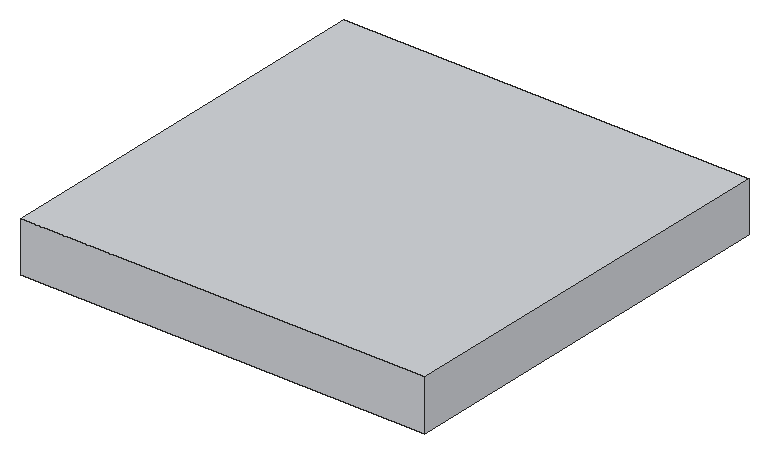
Revit family "90-6388-14-14", category Luminarias, Revit 2017
Family settings
  Anfitrión = Cara
  Cota de conector redondo = Diámetro de uso
  Tipo de pieza = Normal
  Número OmniClass = 23.80.70.00
  Título OmniClass = Lighting
  Corte con vacíos al cargar = No
  Origen de luz = No
  Compartido = Sí
  Punto de cálculo de habitación = No
Parameters (values of type "90-6388-14-14")
  Versión = "v1"
  Vatios (W) = 20
  Tipo de regulación = ""
  Tipo = "Downlight"
  Tender text (English) = "LEDS C4\nBento Standard Square Trim\n90-6388-14-14\n\nDownlight for indoor use. \n\nFor downlighting. UGR &lt;10. Maximum visual comfort with invisible lamp effect. Structure material: Aluminium, Polycarbonate. Structure finish: White, Black. Warranty: 5 Years.\n\nProduct net weight (Kg): 0.250\nProduct length (mm): 100\nProduct width or diameter (mm): 100\nProduct height (mm): 50\nØ of the hole for recessing (mm): 95x95\nPermitted ceiling thickness: 0-18\n\nClass 3. Luminaire not suitable for coating with insulation materials. IP: IP23. LED. No. of lampholders or LEDs: 9. LED brand: CREE. Maximum power of light source: 20W. Colour temperature: LED warm-white 2700K. Colour rendering index: 90. MacAdam Steps: 3. Maximum diameter of luminaire bulb: 50.000h L80B20. Photobiological risk: RG2. Real flux (lm): 1094. Nominal flux (lm): 1140. Lm/Real W: 55. Voltage: 3. Gear included: No, but it is needed. Total power: 20."
  Tender text (Castellano) = "LEDS C4\nBento Standard Square Trim\n90-6388-14-14\n\nLuminària de techo de uso interior para iluminar hacia abajo. \n\nUGR &lt;10. Alto confort visual con efecto de lámpara invisible. Material estructura: Aluminio, Policarbonato. Acabado estructura: Blanco, Negro. Garantía: 5 Años.\n\nPeso neto del producto (Kg): 0.250\nLongitud del producto (mm): 100\nAnchura o diámetro del producto (mm): 100\nAltura del producto (mm): 50\nØ del agujero para empotrar (mm): 95x95\nGrosor de techo admitido: 0-18\n\nClase 3. Luminaria no apta para ser recubierta con materiales aislantes. IP: IP23. LED. Nº de portalámparas o Leds: 9. Marca del LED: CREE. Potencia máxima de la fuente de luz: 20W. Temperatura de color: Blanco cálido - 2700K. Índice de reproducción cromática: 90. Steps Mac Adam: 3. Diámetro máximo de la bombilla que admite la luminaria: 50.000h L80B20. Riesgo fotobiológico: RG2. Flujo real (lm): 1094. Flujo nominal (lm): 1140. Lm/W reales: 55. Voltaje: 3. Equipo incluido: No, pero lo necesita. Potencia total: 20."
  Temperatura color led (K) = "Blanco cálido - 2700K"
  Referencia = "90-6388-14-14"
  Rayo de luz = ""
  Producto descatalogado = "Catalogado ES"
  Pluma comercial = "http://files.leds-c4.com/pl/90-6388-14-14.html"
  Peso neto (KG) = 0.25
  Material = "Aluminio, Policarbonato"
  Lumenes reales (lm) = 1094
  LDT = "http://files.leds-c4.com/ldt/90-6388-14-14.html"
  Imagen web = "http://files.leds-c4.com/main-photo/90-6388-14-14"
  IfcExportType = "NOTDEFINED"
  IfcExportAs = "IfcLightFixture\r\nIfcLightFixture"
  IP = "IP23"
  IMC = "http://files.leds-c4.com/imc/90-6388-14-14.html"
  IK = ""
  Fuente de luz = "9xLED 20 1140.00 lm"
  Fotometría = "http://files.leds-c4.com/fm/90-6388-14-14.html"
  Ficha = "http://files.leds-c4.com/ft/es/90-6388-14-14.html"
  FechaVersion = "Julio 2020"
  Familia = "Bento Standard Square Trim"
  Fabricante = "LEDS C4"
  Etiqueta V/f = "max. 700mA"
  Elevación por defecto = 1000 mm
  Eficiencia energética = "LED A++"
  EAN13 = "8435526844197"
  DescripcionUniformat2010 = "Lighting"
  DescripcionUniclass2015 = "Lighting"
  DescripcionOmniclass = "Lighting"
  DescripcionGubimclass = "Iluminación interior"
  CodigoUniformat2010 = "D5040"
  CodigoUniclass2015 = "EF_70_80"
  CodigoOmniclass = "21-04 50 40"
  CodigoGubimclass = "50.60.50.20"
  Catálogo = "Technical"
  Carga aparente = 0 VA
  CRI = 90
  Acabado = "Blanco, Negro"
Types (2, lengths in mm): name | Lumenes reales (lm) | CRI
  (no name) | 0 | 0
  90-6388-14-14 | 1094 | 90
Values of the unnamed type that differ from the named types
  Vatios (W) = 0
  Tipo = ""
  Tender text (English) = ""
  Tender text (Castellano) = ""
  Temperatura color led (K) = ""
  Referencia = ""
  Producto descatalogado = ""
  Pluma comercial = ""
  Peso neto (KG) = 0
  Material = ""
  LDT = ""
  Imagen web = ""
  IP = ""
  IMC = ""
  Fuente de luz = ""
  Fotometría = ""
  Ficha = ""
  Familia = ""
  Etiqueta V/f = ""
  Eficiencia energética = ""
  EAN13 = ""
  Catálogo = ""
  Acabado = ""
Reference planes
  plane 1 "Centro (Frontal/Posterior)": y = 0
  plane 2: z = 0
  plane 3 "Centro (Izquierda/Derecha)": x = 0
  plane 4 "Elevación de origen de luz": z = 0
  plane 5 "Eje de origen de luz (F/P)": y = 0
  plane 6 "Eje de origen de luz (I/D)": x = 0
Forms (mm)
  Extrusion 1, solid
    sketch origin (0, 0, 0) x (1, 0, 0) y (0, 1, 0)
      loop
        line (-1219.2, 1219.2) -> (-1219.2, -1219.2) -> (1219.2, -1219.2) -> (1219.2, 1219.2) -> (-1219.2, 1219.2)
    from 0 to -304.8
Dimensions and locks
  aligned and locked: plane 2 to Extrusion 1
  aligned and locked: level to Extrusion 1
Connectors
  electrical at (0, 0, 0)
    settings: on Extrusion 1, index 1, voltage 0 V, apparent load 0 VA, apparent load phase1 0 VA, apparent load phase2 0 VA, apparent load phase3 0 VA, power factor 1, load classification "Otro", number of poles 1, system type 31, power factor state 1, is connector primary yes, connector utility no, sub classification motor no, connector description ""
